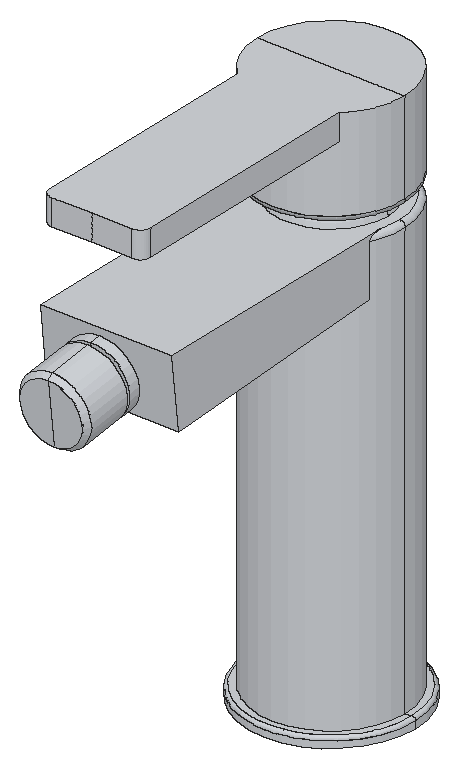
Revit family "BD KEOPS", category Plumbing Fixtures, Revit 2019
Family settings
  Round Connector Dimension = Use Diameter
  Part Type = Normal
  OmniClass Number = 23.45.00.00
  OmniClass Title = Sanitary, Laundry, and Cleaning Equipment
  Work Plane-Based = No
  Always vertical = Yes
  Cut with Voids When Loaded = No
  Shared = No
  Room Calculation Point = No
Reference planes
  plane 1 "Center (Front/Back)": y = 0
  plane 2: z = 0
  plane 3 "Center (Left/Right)": x = 0
Forms (mm)
  Revolve 1, solid
    sketch origin (0, 0, 0) x (1, 0, 0) y (0, 0, 1)
      loop
        line (0, 0) -> (25, 0) -> (25, 2.028)
        arc (25, 2.028) -> (24.715, 2.715) -> (24.028, 3) r 0.972
        line (24.028, 3) -> (22, 3) -> (22, 132.364)
        arc (22, 132.364) -> (21.521, 133.521) -> (20.364, 134) r 1.636
        line (20.364, 134) -> (17, 134)
        arc (17, 134) -> (16.087, 136.473) -> (14.402, 138.5) r 7.798
        line (14.402, 138.5) -> (20.364, 138.5)
        arc (20.364, 138.5) -> (21.521, 138.979) -> (22, 140.136) r 1.636
        line (22, 140.136) -> (22, 167.696) -> (0, 167.696) -> (0, 0)
      axis (0, 0) -> (0, 167.696)
    angle from 0 to 360
  Extrusion 2, solid
    sketch origin (0, 0, 0) x (1, 0, 0) y (0, 1, 0)
      loop
        line (-15, 0) -> (-15, -85.968)
        arc (-15, -85.968) -> (-14.112, -88.112) -> (-11.968, -89) r 3.032
        line (-11.968, -89) -> (0, -89) -> (11.979, -89)
        arc (11.979, -89) -> (14.115, -88.115) -> (15, -85.979) r 3.021
        line (15, -85.979) -> (15, 0) -> (-15, 0)
    from 159.963 to 167.696
  Extrusion 3, solid
    sketch origin (0, 0, 0) x (0, 1, 0) y (0, 0, 1)
      loop
        line (0, 134) -> (-83.5, 134) -> (-81.033, 112.883)
        arc (-81.033, 112.883) -> (-40.582, 116.166) -> (0, 116.587) r 574.742
        line (0, 116.587) -> (0, 134)
    from -19.677 to 19.475
  Revolve 4, solid
    sketch origin (0, 0, 0) x (0, 1, 0) y (0, 0, 1)
      loop
        line (-86.118, 133.694) -> (-89.342, 133.317) -> (-89.165, 131.8) -> (-90.289, 131.668) -> (-90.466, 133.186) -> (-103.727, 131.637) -> (-105.255, 130.109) -> (-104.177, 120.882) -> (-82.266, 123.442) -> (-83.076, 130.373) -> (-85.695, 130.067) -> (-86.118, 133.694)
      axis (-82.266, 123.442) -> (-104.177, 120.882)
    angle from 0 to 360
Cuts and joins
  joined: Revolve 1, Extrusion 2, Extrusion 3, Revolve 4
Dimensions and locks
  aligned and locked: level to plane 2
